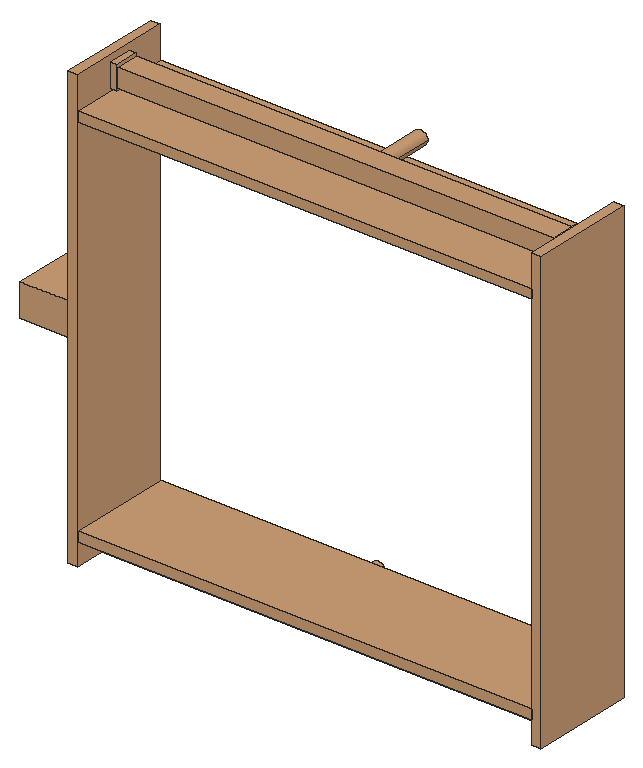
Revit family
Parameters
  Center Of Unit = 0' - 0"  # constant formula
  Water Pressure Drop [instance] = 0.00 psi
  Water Flow [instance] = 0 GPM
  Unit Weight (lbs) = 1098
  URL = "http://www.ljwing.com/"
  Water Outlet Radius = 0' - 1 1/2"
  Water Outlet Odd sizes = 0' - 5 23/64"
  Total Heating Capacity [instance] = 0.0 Btu/h
  Temperature Rise [instance] = 0 °F
  Series = "VIFB"
  Outlet Area = 52.20 SF
  Number of Rows = 1  # constant formula
  Number of Coils [instance] = 0
  Nominal Length = 8' - 4 1/2"
  Model = "VE-9"
  Manufacturer = "LJ Wing"
  Leaving Water Temperature [instance] = 0 °F
  Leaving Air Temperature [instance] = 0 °F
  Face Velocity (FPM) [instance] = 0
  Entering Water Temperature [instance] = 0 °F
  Entering Air Temperature [instance] = 0 °F
  Description = "Vertical Integral Face & Bypass Water Heating Coils"
  Hot Water Odd Sizes = 0' - 5 23/64"
  Hot Water Inlet Offset = 0' - 4 3/8"  # constant formula
  Hot Water Inlet  Radius = 0' - 1 1/2"
  Coil Face Area = Outlet Area * 0.56  # 29.232 SF
  Casing Material = ""
  Assembly Code = "D3020300"
  Air Pressure Drop [instance] = 0.00 in-wg
  Air Inlet Width = Nominal Length - 0' 4"  # 8' - 0 1/2"
  Air Inlet Height = Y  # 6' - 6"
  Air Flow [instance] = 0 CFM
  Z = 0' - 2 1/8"
  Y = 6' - 6"
  S = 0' - 6 13/16"
  Product URL = "http://www.ljwing.com/html/vifb.asp"
  OmniClass = "23-75 70 21 14"
  Nominal Height = 7' - 9 11/16"
  Nominal Depth = 1' - 10"
  R = 0' - 8 7/8"
  Q = 0' - 5 1/4"
  P = 0' - 3 3/4"
  L = 0' - 3"
Reference planes (in)
  plane 1 "Center (Front/Back)": y = 0
  plane 2: z = -39
  plane 3 "Center (Left/Right)": x = 0
  plane 4: z = 47.875
  plane 5: x = -50.25
  plane 6: x = 50.25
  plane 7: z = -45.8125
  plane 8: z = 0
  plane 9: y = -11
  plane 10: y = 11
  plane 11: z = 39
  plane 12: z = 41
  plane 13: z = -41
  plane 14: x = 48.25
  plane 15: x = -48.25
  plane 16: z = 44.125
  plane 17: z = -42.8125
  plane 18: x = -45
  plane 19: x = 45
  plane 20: y = 13.125
  plane 21: y = 15.375
  plane 22: x = -61.25
  plane 23: x = 5.35938
  plane 24: x = -5.35937
  plane 25: z = 46.125
  plane 26: z = 42.125
  plane 27: y = -2.5
  plane 28: y = 2.5
  plane 29: y = -4.5
Forms (in)
  Extrusion 1, solid, material "Painted Finish"
    sketch origin (0, 6, -9.75) x (1, 0, 0) y (0, 0, 1)
      loop
        line (-50.25, -36.0625) -> (-48.25, -36.0625) -> (-48.25, 57.625) -> (-50.25, 57.625) -> (-50.25, -36.0625)
      loop
        line (50.25, -36.0625) -> (50.25, 57.625) -> (48.25, 57.625) -> (48.25, -36.0625) -> (50.25, -36.0625)
    from -5 to 17
  Extrusion 2, solid, material "Painted Finish"
    sketch origin (0, 6, 0) x (1, 0, 0) y (0, 0, 1)
      loop
        line (48.25, -39) -> (-48.25, -39) -> (-48.25, -41) -> (48.25, -41) -> (48.25, -39)
      loop
        line (48.25, 39) -> (48.25, 41) -> (-48.25, 41) -> (-48.25, 39) -> (48.25, 39)
    from -5 to 17
  Extrusion 3, solid, material "Painted Finish"
    sketch origin (0, 10, -0.5) x (1, 0, 0) y (0, 0, 1)
      loop
        line (-50.25, 4) -> (-61.25, 4) -> (-61.25, -3) -> (-50.25, -3) -> (-50.25, 4)
    from 0 to 20
  Extrusion 4, solid, material "Painted Finish"
    sketch origin (0, 6, 0) x (1, 0, 0) y (0, 0, 1)
      loop
        line (-46.625, 46.125) -> (-46.625, 42.125) -> (46.625, 42.125) -> (46.625, 46.125) -> (-46.625, 46.125)
    from 3.5 to 8.5
  Extrusion 5, solid, material "Painted Finish"
    sketch origin (0, 0, 0) x (1, 0, 0) y (0, 0, 1)
      loop
        line (-46.625, 41.625) -> (-46.625, 46.625) -> (-48.25, 46.625) -> (-48.25, 41.625) -> (-46.625, 41.625)
      loop
        line (48.25, 41.625) -> (48.25, 46.625) -> (46.625, 46.625) -> (46.625, 41.625) -> (48.25, 41.625)
    from -2.5 to 2.5
  Extrusion 6, solid, material "Painted Finish"
    sketch origin (0, 23, 0) x (1, 0, 0) y (0, 0, 1)
      loop
        circle (5.35938, 44.125) r 1.5
    from 9.875 to 20.5
  Extrusion 7, solid, material "Painted Finish"
    sketch origin (0, 6, 0) x (1, 0, 0) y (0, 0, 1)
      loop
        line (-48.25, -41) -> (-48.25, -45.8125) -> (48.25, -45.8125) -> (48.25, -41) -> (-48.25, -41)
    from -5 to 10.5
  Extrusion 8, solid, material "Painted Finish"
    sketch origin (0, 23, 0) x (1, 0, 0) y (0, 0, 1)
      loop
        circle (-5.35937, -42.8125) r 1.5
    from 7.625 to 12
  Extrusion 9, void
    sketch origin (0, 0, 0) x (1, 0, 0) y (0, 0, 1)
      loop
        line (-48.25, 39) -> (-48.25, -39) -> (48.25, -39) -> (48.25, 39) -> (-48.25, 39)
    from -11 to 11
Cuts and joins
  Extrusion 9 cuts Extrusion 1
  Extrusion 9 cuts Extrusion 2
Dimensions and locks (in)
  "Nominal Length": plane 6 to plane 5
  equal spacing: plane 6, plane 3 "Center (Left/Right)", plane 5
  "S": plane 2 to plane 7
  "Nominal Depth": plane 10 to plane 9
  equal spacing: plane 10, plane 1 "Center (Front/Back)", plane 9
  "Y": plane 11 to plane 2
  "R": plane 4 to plane 11
  locked: plane 12 to plane 11 at 2
  locked: plane 2 to plane 13 at 2
  "P": plane 4 to plane 16
  "L": plane 17 to plane 7
  "Q": plane 18 to plane 5
  "Q": plane 6 to plane 19
  "Z": plane 20 to plane 10
  "Hot Water Inlet Offset": plane 21 to plane 10
  locked: plane 5 to plane 22 at 11
  locked: Extrusion 3 sketch curve to Extrusion 3 sketch curve at 7
  locked: Extrusion 3 to Extrusion 3 at 20
  locked: plane 6 to plane 14 at 2
  locked: plane 15 to plane 5 at 2
  "Water Outlet Odd sizes": plane 23 to plane 3 "Center (Left/Right)"
  "Hot Water Odd Sizes": plane 3 "Center (Left/Right)" to plane 24
  equal spacing: plane 25, plane 16, plane 26
  locked: Extrusion 5 sketch curve to plane 25 at 0.5
  locked: plane 26 to Extrusion 5 sketch curve at 0.5
  locked: Extrusion 6 sketch curve to plane 16 at 0
  locked: Extrusion 6 sketch curve to plane 23 at 0
  locked: Extrusion 8 sketch curve to plane 17 at 0
  locked: Extrusion 8 sketch curve to plane 24 at 0
  locked: plane 25 to plane 26 at 4
  locked: plane 28 to plane 27 at 5
  equal spacing: plane 28, plane 1 "Center (Front/Back)", plane 27
  locked: plane 27 to plane 29 at 2
  plane 4 to plane 7 = 7' - 9 11/16"
  locked: Extrusion 5 sketch curve to Extrusion 1 at 1.625
  locked: Extrusion 5 sketch curve to Extrusion 5 sketch curve at 1.625
  locked: Extrusion 9 sketch curve to plane 11 at 0
  locked: Extrusion 9 sketch curve to plane 15 at 0
  locked: Extrusion 9 sketch curve to plane 14 at 0
  locked: Extrusion 9 sketch curve to plane 2 at 0
  equal spacing: plane 11, plane 8, plane 2
  "Water Outlet Radius": radius of Extrusion 6 sketch curve
  "Hot Water Inlet  Radius": radius of Extrusion 8 sketch curve
  aligned and locked: Extrusion 1 to plane 9
  aligned and locked: Extrusion 1 to plane 10
  aligned and locked: Extrusion 1 to plane 15
  aligned and locked: Extrusion 1 to plane 14
  aligned and locked: Extrusion 2 to plane 9
  aligned and locked: plane 9 to Extrusion 1
  aligned and locked: plane 10 to Extrusion 1  (x2)
  aligned and locked: Extrusion 2 to plane 10
  aligned and locked: plane 10 to Extrusion 2  (x2)
  aligned and locked: plane 9 to Extrusion 2  (x2)
  aligned and locked: plane 5 to Extrusion 3
  aligned and locked: Extrusion 5 sketch curve to plane 15
  aligned and locked: Extrusion 5 sketch curve to Extrusion 4
  aligned and locked: Extrusion 6 to plane 20
  aligned and locked: Extrusion 1 to Extrusion 7
  aligned and locked: Extrusion 8 to plane 10
  aligned and locked: plane 21 to Extrusion 8
  aligned and locked: plane 27 to Extrusion 5
  aligned and locked: Extrusion 5 to Extrusion 4  (x2)
  aligned and locked: Extrusion 5 to plane 28
  aligned and locked: Extrusion 6 to Extrusion 4
  aligned and locked: Extrusion 7 to plane 29  (x2)
  aligned and locked: Extrusion 8 to Extrusion 7
  aligned and locked: Extrusion 4 to Extrusion 5  (x2)
  aligned and locked: Extrusion 5 to Extrusion 1  (x2)
  aligned and locked: plane 2 to Extrusion 2
  aligned and locked: Extrusion 1 sketch curve to plane 6
  aligned and locked: Extrusion 1 sketch curve to plane 14
  aligned and locked: Extrusion 1 sketch curve to plane 15
  aligned and locked: Extrusion 1 sketch curve to plane 5
  aligned and locked: plane 7 to Extrusion 1 sketch curve  (x2)
  aligned and locked: Extrusion 1 sketch curve to plane 4  (x2)
  aligned and locked: Extrusion 2 sketch curve to plane 11
  aligned and locked: Extrusion 2 sketch curve to plane 12
  aligned and locked: Extrusion 2 sketch curve to plane 14
  aligned and locked: Extrusion 2 sketch curve to plane 15
  aligned and locked: Extrusion 2 sketch curve to plane 13
  aligned and locked: plane 2 to Extrusion 2 sketch curve
  aligned and locked: plane 14 to Extrusion 2 sketch curve
  aligned and locked: plane 15 to Extrusion 2 sketch curve
  aligned and locked: plane 13 to Extrusion 7 sketch curve
  aligned and locked: Extrusion 7 sketch curve to plane 7
  aligned and locked: plane 14 to Extrusion 7 sketch curve
  aligned and locked: Extrusion 7 sketch curve to plane 15
  aligned and locked: cut or joined group of Extrusion 1, Extrusion 9 to plane 10
  aligned and locked: Extrusion 8 to plane 21
Automatic sketch dimensions
  Extrusion 3 sketch curve to plane 22 = 0' - 0"
  Extrusion 3 sketch curve to plane 5 = 0' - 0"
  plane 8 to Extrusion 3 sketch curve = 0' - 3 1/2"
  Extrusion 4 sketch curve to plane 25 = 0' - 0"
  Extrusion 4 sketch curve to plane 26 = 0' - 0"
  Extrusion 4 sketch curve to plane 18 = 0' - 1 5/8"
  plane 19 to Extrusion 4 sketch curve = 0' - 1 5/8"
  plane 26 to Extrusion 5 sketch curve = 0' - 0 1/2"
  Extrusion 5 sketch curve to plane 25 = 0' - 0 1/2"
Connectors (in)
  hvac at (0, -11, 0), driven by "Air Inlet Height", driven by "Air Inlet Width", driven by "Air Flow", driven by "Air Pressure Drop"
    settings: on Extrusion 9, index 1
  hvac at (0, 11, 0), driven by "Air Pressure Drop", driven by "Air Inlet Height", driven by "Air Inlet Width", driven by "Air Flow"
    settings: on Extrusion 9, index 2
  piping at (5.35938, 13.125, 44.125), driven by "Water Flow", driven by "Water Outlet Radius", driven by "Water Pressure Drop"
    settings: on Extrusion 6, index 3
  piping at (-5.35937, 15.375, -42.8125), driven by "Water Flow", driven by "Water Pressure Drop", driven by "Hot Water Inlet  Radius"
    settings: on Extrusion 8, index 4
